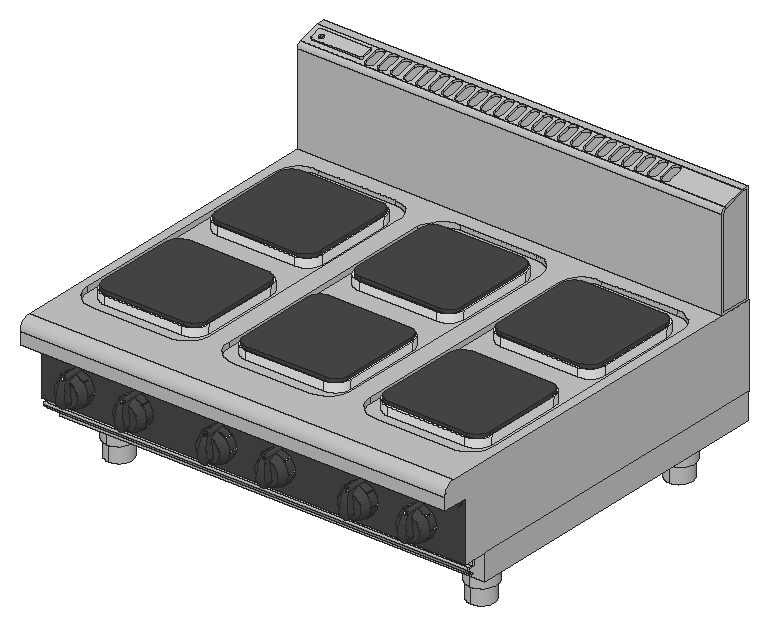
Revit family "QF_Moffat_RNB8600SE-B_Electric_Cooktops_Sealed_Hobs_cat", category Specialty Equipment, Revit 2019 (continued)
Definition of nested family "High and Low Option"
  Lines and regions (mm)
    symbolic lines, visible <- "High Back", not visible
      curve 173: spline (585.791, -50.251, 0) -> (585.45, -52.751, 0) -> (584.451, -55.081, 0) -> (582.862, -57.081, 0) -> (580.791, -58.616, 0) -> (578.379, -59.581, 0) -> (575.791, -59.91, 0) -> (573.203, -59.581, 0) -> (570.791, -58.616, 0) -> (568.72, -57.081, 0) -> (567.131, -55.081, 0) -> (566.132, -52.751, 0) -> (565.791, -50.251, 0)
      curve 174: line (593.071, -50.251, 0) -> (593.071, -25.991, 0)
      curve 175: spline (593.071, -25.991, 0) -> (593.412, -23.491, 0) -> (594.411, -21.162, 0) -> (596, -19.161, 0) -> (598.071, -17.626, 0) -> (600.483, -16.661, 0) -> (603.071, -16.332, 0) -> (605.659, -16.661, 0) -> (608.071, -17.626, 0) -> (610.142, -19.161, 0) -> (611.731, -21.162, 0) -> (612.73, -23.491, 0) -> (613.071, -25.991, 0)
      curve 176: line (613.071, -25.991, 0) -> (613.071, -50.251, 0)
      curve 177: spline (613.071, -50.251, 0) -> (612.73, -52.751, 0) -> (611.731, -55.081, 0) -> (610.142, -57.081, 0) -> (608.071, -58.616, 0) -> (605.659, -59.581, 0) -> (603.071, -59.91, 0) -> (600.483, -59.581, 0) -> (598.071, -58.616, 0) -> (596, -57.081, 0) -> (594.411, -55.081, 0) -> (593.412, -52.751, 0) -> (593.071, -50.251, 0)
      curve 178: line (620.351, -50.251, 0) -> (620.351, -25.991, 0)
      curve 179: spline (620.351, -25.991, 0) -> (620.692, -23.491, 0) -> (621.691, -21.162, 0) -> (623.28, -19.161, 0) -> (625.351, -17.626, 0) -> (627.763, -16.661, 0) -> (630.351, -16.332, 0) -> (632.939, -16.661, 0) -> (635.351, -17.626, 0) -> (637.422, -19.161, 0) -> (639.012, -21.162, 0) -> (640.011, -23.491, 0) -> (640.351, -25.991, 0)
      curve 180: line (640.351, -25.991, 0) -> (640.351, -50.251, 0)
      curve 181: spline (640.351, -50.251, 0) -> (640.011, -52.751, 0) -> (639.012, -55.081, 0) -> (637.422, -57.081, 0) -> (635.351, -58.616, 0) -> (632.939, -59.581, 0) -> (630.351, -59.91, 0) -> (627.763, -59.581, 0) -> (625.351, -58.616, 0) -> (623.28, -57.081, 0) -> (621.691, -55.081, 0) -> (620.692, -52.751, 0) -> (620.351, -50.251, 0)
      curve 182: line (647.632, -50.251, 0) -> (647.632, -25.991, 0)
      curve 183: spline (647.632, -25.991, 0) -> (647.972, -23.491, 0) -> (648.971, -21.162, 0) -> (650.56, -19.161, 0) -> (652.632, -17.626, 0) -> (655.043, -16.661, 0) -> (657.632, -16.332, 0) -> (660.22, -16.661, 0) -> (662.632, -17.626, 0) -> (664.703, -19.161, 0) -> (666.292, -21.162, 0) -> (667.291, -23.491, 0) -> (667.632, -25.991, 0)
      curve 184: line (667.632, -25.991, 0) -> (667.632, -50.251, 0)
      curve 185: spline (667.632, -50.251, 0) -> (667.291, -52.751, 0) -> (666.292, -55.081, 0) -> (664.703, -57.081, 0) -> (662.632, -58.616, 0) -> (660.22, -59.581, 0) -> (657.632, -59.91, 0) -> (655.043, -59.581, 0) -> (652.632, -58.616, 0) -> (650.56, -57.081, 0) -> (648.971, -55.081, 0) -> (647.972, -52.751, 0) -> (647.632, -50.251, 0)
      curve 186: line (674.912, -50.251, 0) -> (674.912, -25.991, 0)
      curve 187: spline (674.912, -25.991, 0) -> (675.252, -23.491, 0) -> (676.251, -21.162, 0) -> (677.841, -19.161, 0) -> (679.912, -17.626, 0) -> (682.324, -16.661, 0) -> (684.912, -16.332, 0) -> (687.5, -16.661, 0) -> (689.912, -17.626, 0) -> (691.983, -19.161, 0) -> (693.572, -21.162, 0) -> (694.571, -23.491, 0) -> (694.912, -25.991, 0)
      curve 188: line (694.912, -25.991, 0) -> (694.912, -50.251, 0)
      curve 189: spline (694.912, -50.251, 0) -> (694.571, -52.751, 0) -> (693.572, -55.081, 0) -> (691.983, -57.081, 0) -> (689.912, -58.616, 0) -> (687.5, -59.581, 0) -> (684.912, -59.91, 0) -> (682.324, -59.581, 0) -> (679.912, -58.616, 0) -> (677.841, -57.081, 0) -> (676.251, -55.081, 0) -> (675.252, -52.751, 0) -> (674.912, -50.251, 0)
      curve 190: line (702.192, -50.251, 0) -> (702.192, -25.991, 0)
      curve 191: spline (702.192, -25.991, 0) -> (702.533, -23.491, 0) -> (703.532, -21.162, 0) -> (705.121, -19.161, 0) -> (707.192, -17.626, 0) -> (709.604, -16.661, 0) -> (712.192, -16.332, 0) -> (714.78, -16.661, 0) -> (717.192, -17.626, 0) -> (719.263, -19.161, 0) -> (720.852, -21.162, 0) -> (721.851, -23.491, 0) -> (722.192, -25.991, 0)
      curve 192: line (722.192, -25.991, 0) -> (722.192, -50.251, 0)
      curve 193: spline (722.192, -50.251, 0) -> (721.851, -52.751, 0) -> (720.852, -55.081, 0) -> (719.263, -57.081, 0) -> (717.192, -58.616, 0) -> (714.78, -59.581, 0) -> (712.192, -59.91, 0) -> (709.604, -59.581, 0) -> (707.192, -58.616, 0) -> (705.121, -57.081, 0) -> (703.532, -55.081, 0) -> (702.533, -52.751, 0) -> (702.192, -50.251, 0)
      curve 194: line (729.472, -50.251, 0) -> (729.472, -25.991, 0)
      curve 195: spline (729.472, -25.991, 0) -> (729.813, -23.491, 0) -> (730.812, -21.162, 0) -> (732.401, -19.161, 0) -> (734.472, -17.626, 0) -> (736.884, -16.661, 0) -> (739.472, -16.332, 0) -> (742.06, -16.661, 0) -> (744.472, -17.626, 0) -> (746.543, -19.161, 0) -> (748.132, -21.162, 0) -> (749.131, -23.491, 0) -> (749.472, -25.991, 0)
      curve 196: line (749.472, -25.991, 0) -> (749.472, -50.251, 0)
      curve 197: spline (749.472, -50.251, 0) -> (749.131, -52.751, 0) -> (748.132, -55.081, 0) -> (746.543, -57.081, 0) -> (744.472, -58.616, 0) -> (742.06, -59.581, 0) -> (739.472, -59.91, 0) -> (736.884, -59.581, 0) -> (734.472, -58.616, 0) -> (732.401, -57.081, 0) -> (730.812, -55.081, 0) -> (729.813, -52.751, 0) -> (729.472, -50.251, 0)
      curve 198: line (756.752, -50.251, 0) -> (756.752, -25.991, 0)
      curve 199: spline (756.752, -25.991, 0) -> (757.093, -23.491, 0) -> (758.092, -21.162, 0) -> (759.681, -19.161, 0) -> (761.752, -17.626, 0) -> (764.164, -16.661, 0) -> (766.752, -16.332, 0) -> (769.341, -16.661, 0) -> (771.752, -17.626, 0) -> (773.823, -19.161, 0) -> (775.413, -21.162, 0) -> (776.412, -23.491, 0) -> (776.752, -25.991, 0)
      curve 200: line (776.752, -25.991, 0) -> (776.752, -50.251, 0)
      curve 201: spline (776.752, -50.251, 0) -> (776.412, -52.751, 0) -> (775.413, -55.081, 0) -> (773.823, -57.081, 0) -> (771.752, -58.616, 0) -> (769.341, -59.581, 0) -> (766.752, -59.91, 0) -> (764.164, -59.581, 0) -> (761.752, -58.616, 0) -> (759.681, -57.081, 0) -> (758.092, -55.081, 0) -> (757.093, -52.751, 0) -> (756.752, -50.251, 0)
  Dimensions and locks
    equal spacing: plane 3 "LEFT", plane 7 "Center Y", plane 4 "RIGHT"
    "Length": plane 3 "LEFT" to plane 4 "RIGHT"
    equal spacing: plane 5 "FRONT", plane 8 "Center X", plane 1 "BACK"
    "Depth": plane 5 "FRONT" to plane 1 "BACK"
    "Height": plane 6 "TOP" to level
    plane 4 "RIGHT" to plane 3 "LEFT" = 900 mm
    plane 1 "BACK" to plane 5 "FRONT" = 805 mm
    plane 9 to plane 10 = 769 mm
    plane 12 to plane 2 = 675 mm
    plane 6 "TOP" to level = 970 mm
    plane 13 to level = 1130 mm
    aligned and locked: level to plane 2
  Automatic sketch dimensions
    Extrusion 2 sketch curve to Extrusion 2 sketch curve = 11.8 mm
    Extrusion 2 sketch curve to Extrusion 2 sketch curve = 2.248 mm
    Extrusion 2 sketch curve to Extrusion 2 sketch curve = 63.6 mm
    Extrusion 2 sketch curve to Extrusion 2 sketch curve = 3.2 mm  (x4)
    plane 1 "BACK" to curve 1 = 71.587 mm
    curve 1 to plane 6 "TOP" = 46.75 mm
    curve 1 to curve 1 = 23 mm
    Extrusion 5 sketch curve to Extrusion 5 sketch curve = 10 mm  (x24)
    Extrusion 5 sketch curve to Extrusion 5 sketch curve = 7.28 mm  (x23)
    Extrusion 5 sketch curve to Extrusion 5 sketch curve = 11.379 mm  (x2)
    Extrusion 5 sketch curve to Extrusion 5 sketch curve = 0 mm  (x33)
    Extrusion 5 sketch curve to Extrusion 5 sketch curve = 25.116 mm  (x13)
    Extrusion 5 sketch curve to Extrusion 5 sketch curve = 47.732 mm
    Extrusion 2 sketch curve to Extrusion 2 sketch curve = 187.855 mm
    Extrusion 5 sketch curve to Extrusion 5 sketch curve = 129.307 mm
    Extrusion 5 sketch curve to Extrusion 5 sketch curve = 123.248 mm
    Extrusion 7 sketch curve to Extrusion 7 sketch curve = 11.8 mm
    Extrusion 7 sketch curve to Extrusion 7 sketch curve = 2.248 mm
    Extrusion 7 sketch curve to Extrusion 7 sketch curve = 63.6 mm
    Extrusion 7 sketch curve to Extrusion 7 sketch curve = 3.2 mm  (x4)
    Extrusion 10 sketch curve to Extrusion 10 sketch curve = 10 mm  (x24)
    Extrusion 10 sketch curve to Extrusion 10 sketch curve = 7.28 mm  (x23)
    Extrusion 10 sketch curve to Extrusion 10 sketch curve = 11.379 mm  (x2)
    Extrusion 10 sketch curve to Extrusion 10 sketch curve = 0 mm  (x33)
    Extrusion 10 sketch curve to Extrusion 10 sketch curve = 25.116 mm  (x13)
    Extrusion 10 sketch curve to Extrusion 10 sketch curve = 47.732 mm
    Extrusion 7 sketch curve to Extrusion 7 sketch curve = 187.855 mm
    Extrusion 10 sketch curve to Extrusion 10 sketch curve = 129.307 mm
    Extrusion 10 sketch curve to Extrusion 10 sketch curve = 123.248 mm
    curve 3 to curve 6 = 129.307 mm
    curve 6 to curve 8 = 20 mm
    curve 8 to curve 10 = 7.28 mm
    curve 10 to curve 12 = 20 mm
    curve 13 to curve 14 = 7.28 mm
    curve 14 to curve 16 = 20 mm
    curve 16 to curve 18 = 7.28 mm
    curve 18 to curve 20 = 20 mm
    curve 21 to curve 22 = 7.28 mm
    curve 22 to curve 24 = 20 mm
    curve 25 to curve 26 = 7.28 mm
    curve 26 to curve 28 = 20 mm
    curve 29 to curve 30 = 7.28 mm
    curve 30 to curve 32 = 20 mm
    curve 32 to curve 34 = 7.28 mm
    curve 34 to curve 36 = 20 mm
    curve 37 to curve 38 = 7.28 mm
    curve 41 to curve 40 = 20 mm
    curve 41 to curve 42 = 7.28 mm
    curve 45 to curve 44 = 20 mm
    curve 43 to curve 46 = 7.28 mm
    curve 46 to curve 48 = 20 mm
    curve 49 to curve 50 = 7.28 mm
    curve 50 to curve 52 = 20 mm
    curve 52 to curve 54 = 7.28 mm
    curve 54 to curve 56 = 20 mm
    curve 57 to curve 58 = 7.28 mm
    curve 58 to curve 60 = 20 mm
    curve 61 to curve 62 = 7.28 mm
    curve 62 to curve 64 = 20 mm
    curve 64 to curve 66 = 7.28 mm
    curve 66 to curve 68 = 20 mm
    curve 69 to curve 70 = 7.28 mm
    curve 70 to curve 72 = 20 mm
    curve 73 to curve 74 = 7.28 mm
    curve 74 to curve 76 = 20 mm
    curve 77 to curve 78 = 7.28 mm
    curve 78 to curve 80 = 20 mm
    curve 80 to curve 82 = 7.28 mm
    curve 82 to curve 84 = 20 mm
    curve 85 to curve 86 = 7.28 mm
    curve 87 to curve 88 = 20 mm
    curve 89 to curve 90 = 7.28 mm
    curve 90 to curve 92 = 20 mm
    curve 91 to curve 94 = 7.28 mm
    curve 94 to curve 96 = 20 mm
    curve 96 to curve 98 = 7.28 mm
    curve 98 to curve 100 = 20 mm
    curve 3 to curve 6 = 19.749 mm
    curve 9 to curve 10 = 0 mm
    curve 96 to curve 101 = 0 mm
    curve 13 to curve 14 = 0 mm
    curve 92 to curve 97 = 0 mm
    curve 16 to curve 18 = 0 mm
    curve 88 to curve 90 = 0 mm
    curve 21 to curve 22 = 0 mm
    curve 84 to curve 86 = 0 mm  (x2)
    curve 25 to curve 26 = 0 mm
    curve 80 to curve 85 = 0 mm
    curve 29 to curve 30 = 0 mm
    curve 76 to curve 81 = 0 mm
    curve 33 to curve 34 = 0 mm
    curve 72 to curve 74 = 0 mm  (x2)
    curve 37 to curve 38 = 0 mm
    curve 68 to curve 70 = 0 mm  (x2)
    curve 41 to curve 42 = 0 mm
    curve 64 to curve 69 = 0 mm
    curve 45 to curve 46 = 0 mm
    curve 60 to curve 65 = 0 mm
    curve 49 to curve 50 = 0 mm
    curve 56 to curve 58 = 0 mm  (x2)
    curve 56 to curve 56 = 24.26 mm
    curve 52 to curve 55 = 0 mm
    curve 48 to curve 51 = 0 mm
    curve 59 to curve 62 = 0 mm
    curve 44 to curve 47 = 0 mm
    curve 64 to curve 66 = 0 mm
    curve 40 to curve 43 = 0 mm
    curve 36 to curve 39 = 0 mm
    curve 32 to curve 35 = 0 mm
    curve 75 to curve 78 = 0 mm
    curve 28 to curve 31 = 0 mm
    curve 80 to curve 82 = 0 mm
    curve 24 to curve 27 = 0 mm
    curve 20 to curve 23 = 0 mm
    curve 87 to curve 90 = 0 mm
    curve 16 to curve 19 = 0 mm
    curve 91 to curve 94 = 0 mm
    curve 12 to curve 15 = 0 mm
    curve 96 to curve 98 = 0 mm
    curve 8 to curve 11 = 0 mm
    curve 3 to curve 3 = 70 mm
    curve 100 to curve 5 = 123.248 mm
    curve 4 to curve 100 = 19.749 mm
    curve 103 to curve 106 = 129.307 mm
    curve 106 to curve 108 = 20 mm
    curve 108 to curve 110 = 7.28 mm
    curve 110 to curve 112 = 20 mm
    curve 113 to curve 114 = 7.28 mm
    curve 114 to curve 116 = 20 mm
    curve 116 to curve 118 = 7.28 mm
    curve 118 to curve 120 = 20 mm
    curve 121 to curve 122 = 7.28 mm
    curve 122 to curve 124 = 20 mm
    curve 125 to curve 126 = 7.28 mm
    curve 126 to curve 128 = 20 mm
    curve 129 to curve 130 = 7.28 mm
    curve 130 to curve 132 = 20 mm
    curve 132 to curve 134 = 7.28 mm
    curve 134 to curve 136 = 20 mm
    curve 137 to curve 138 = 7.28 mm
    curve 141 to curve 140 = 20 mm
    curve 141 to curve 142 = 7.28 mm
    curve 145 to curve 144 = 20 mm
    curve 143 to curve 146 = 7.28 mm
    curve 146 to curve 148 = 20 mm
    curve 149 to curve 150 = 7.28 mm
    curve 150 to curve 152 = 20 mm
    curve 152 to curve 154 = 7.28 mm
    curve 154 to curve 156 = 20 mm
    curve 157 to curve 158 = 7.28 mm
    curve 158 to curve 160 = 20 mm
    curve 161 to curve 162 = 7.28 mm
    curve 162 to curve 164 = 20 mm
    curve 164 to curve 166 = 7.28 mm
    curve 166 to curve 168 = 20 mm
    curve 169 to curve 170 = 7.28 mm
    curve 170 to curve 172 = 20 mm
    curve 173 to curve 174 = 7.28 mm
    curve 174 to curve 176 = 20 mm
    curve 177 to curve 178 = 7.28 mm
    curve 178 to curve 180 = 20 mm
    curve 180 to curve 182 = 7.28 mm
    curve 182 to curve 184 = 20 mm
    curve 185 to curve 186 = 7.28 mm
    curve 187 to curve 188 = 20 mm
    curve 189 to curve 190 = 7.28 mm
    curve 190 to curve 192 = 20 mm
    curve 191 to curve 194 = 7.28 mm
    curve 194 to curve 196 = 20 mm
    curve 196 to curve 198 = 7.28 mm
    curve 198 to curve 200 = 20 mm
    curve 103 to curve 106 = 19.749 mm
    curve 109 to curve 110 = 0 mm
    curve 196 to curve 201 = 0 mm
    curve 113 to curve 114 = 0 mm
    curve 192 to curve 197 = 0 mm
    curve 116 to curve 118 = 0 mm
    curve 188 to curve 190 = 0 mm
    curve 121 to curve 122 = 0 mm
    curve 184 to curve 186 = 0 mm  (x2)
    curve 125 to curve 126 = 0 mm
    curve 180 to curve 185 = 0 mm
    curve 129 to curve 130 = 0 mm
    curve 176 to curve 181 = 0 mm
    curve 133 to curve 134 = 0 mm
    curve 172 to curve 174 = 0 mm  (x2)
    curve 137 to curve 138 = 0 mm
    curve 168 to curve 170 = 0 mm  (x2)
    curve 141 to curve 142 = 0 mm
    curve 164 to curve 169 = 0 mm
    curve 145 to curve 146 = 0 mm
    curve 160 to curve 165 = 0 mm
    curve 149 to curve 150 = 0 mm
    curve 156 to curve 158 = 0 mm  (x2)
    curve 156 to curve 156 = 24.26 mm
    curve 152 to curve 155 = 0 mm
    curve 148 to curve 151 = 0 mm
    curve 159 to curve 162 = 0 mm
    curve 144 to curve 147 = 0 mm
    curve 164 to curve 166 = 0 mm
    curve 140 to curve 143 = 0 mm
    curve 136 to curve 139 = 0 mm
    curve 132 to curve 135 = 0 mm
    curve 175 to curve 178 = 0 mm
    curve 128 to curve 131 = 0 mm
    curve 180 to curve 182 = 0 mm
    curve 124 to curve 127 = 0 mm
    curve 120 to curve 123 = 0 mm
    curve 187 to curve 190 = 0 mm
    curve 116 to curve 119 = 0 mm
    curve 191 to curve 194 = 0 mm
    curve 112 to curve 115 = 0 mm
    curve 196 to curve 198 = 0 mm
    curve 108 to curve 111 = 0 mm
    curve 103 to curve 103 = 70 mm
    curve 200 to curve 105 = 123.248 mm
    curve 104 to curve 200 = 19.749 mm
    curve 203 to curve 204 = 900 mm
    curve 203 to curve 203 = 70 mm
    curve 207 to curve 208 = 900 mm
    curve 207 to curve 207 = 70 mm
    Extrusion 1 sketch curve to Extrusion 1 sketch curve = 15 mm
    Extrusion 1 sketch curve to Extrusion 1 sketch curve = 55 mm  (x2)
    Extrusion 1 sketch curve to Extrusion 1 sketch curve = 40 mm
    Extrusion 6 sketch curve to Extrusion 6 sketch curve = 15 mm
    Extrusion 6 sketch curve to Extrusion 6 sketch curve = 55 mm  (x2)
    Extrusion 6 sketch curve to Extrusion 6 sketch curve = 40 mm
    Extrusion 4 sketch curve to Extrusion 4 sketch curve = 8.8 mm
    Extrusion 4 sketch curve to Extrusion 4 sketch curve = 43.857 mm
    Extrusion 4 sketch curve to Extrusion 4 sketch curve = 63.6 mm
    Extrusion 4 sketch curve to Extrusion 4 sketch curve = 20.862 mm
    Extrusion 4 sketch curve to Extrusion 4 sketch curve = 187.738 mm
    Extrusion 4 sketch curve to Extrusion 4 sketch curve = 2.278 mm
    Extrusion 3 sketch curve to Extrusion 3 sketch curve = 63.6 mm
    Extrusion 3 sketch curve to Extrusion 3 sketch curve = 6.522 mm
    Extrusion 3 sketch curve to Extrusion 3 sketch curve = 10.943 mm
    Extrusion 3 sketch curve to Extrusion 3 sketch curve = 187.738 mm
    Extrusion 3 sketch curve to Extrusion 3 sketch curve = 8.5 mm
    Extrusion 3 sketch curve to Extrusion 3 sketch curve = 12.362 mm
    Extrusion 2 sketch curve to Extrusion 2 sketch curve = 0 mm
    Extrusion 2 sketch curve to Extrusion 2 sketch curve = 0.117 mm  (x2)
    Extrusion 2 sketch curve to Extrusion 2 sketch curve = 5.694 mm
    Extrusion 2 sketch curve to Extrusion 2 sketch curve = 0.857 mm  (x2)
    Extrusion 2 sketch curve to Extrusion 2 sketch curve = 12.354 mm
    Extrusion 9 sketch curve to Extrusion 9 sketch curve = 8.8 mm
    Extrusion 9 sketch curve to Extrusion 9 sketch curve = 43.857 mm
    Extrusion 9 sketch curve to Extrusion 9 sketch curve = 63.6 mm
    Extrusion 9 sketch curve to Extrusion 9 sketch curve = 20.862 mm
    Extrusion 9 sketch curve to Extrusion 9 sketch curve = 187.738 mm
    Extrusion 9 sketch curve to Extrusion 9 sketch curve = 2.278 mm
    Extrusion 8 sketch curve to Extrusion 8 sketch curve = 63.6 mm
    Extrusion 8 sketch curve to Extrusion 8 sketch curve = 6.522 mm
    Extrusion 8 sketch curve to Extrusion 8 sketch curve = 10.943 mm
    Extrusion 8 sketch curve to Extrusion 8 sketch curve = 187.738 mm
    Extrusion 8 sketch curve to Extrusion 8 sketch curve = 8.5 mm
    Extrusion 8 sketch curve to Extrusion 8 sketch curve = 12.362 mm
    Extrusion 7 sketch curve to Extrusion 7 sketch curve = 0 mm
    Extrusion 7 sketch curve to Extrusion 7 sketch curve = 0.117 mm  (x2)
    Extrusion 7 sketch curve to Extrusion 7 sketch curve = 5.694 mm
    Extrusion 7 sketch curve to Extrusion 7 sketch curve = 0.857 mm  (x2)
    Extrusion 7 sketch curve to Extrusion 7 sketch curve = 12.354 mm
  Nested families
    nested 1: "QF_LOGO_Waldorf" at (32, -70, 923.25), visible <- "Show Logo 1", type "QF_LOGO_Waldorf"
    nested 2: "QF_LOGO_Waldorf1" at (12.5, -38.053, 1110.468), visible <- "Show Logo 2", type "QF_LOGO_Waldorf1"
    nested 3: "QF_LOGO_Waldorf" at (32, -70, 923.25), visible <- "Show Logo 1", type "QF_LOGO_Waldorf", not visible
    nested 4: "QF_LOGO_Waldorf1" at (12.5, -38.053, 1110.468), visible <- "Show Logo 2", type "QF_LOGO_Waldorf1", not visible
  Definition of nested family "QF_LOGO_Waldorf"
    Parameters (values of type "QF_LOGO_Waldorf")
      Weight in Pounds = 0
      URL Cutsheet = ""
      Specification by User = ""
      Specification by Manufacturer = ""
      Serial Number = ""
      Seismic Rating = ""
      SMACNA No = ""
      Revision Code = ""
      NAFEM Spec ID Number = ""
      Masterspec = ""
      Length = 138 mm
      Item Number = ""
      Installed By = ""
      Identify Quantity as Lot = yes
      Height = 26.711 mm
      Furnished By = ""
      Foodservice Equipment Identifier = yes
      Depth = 3.175 mm
      CSI MasterFormat = ""
    Reference planes
      plane 1 "BACK": y = 0
      plane 2: z = 0
      plane 3 "LEFT": x = 0
      plane 4 "RIGHT": x = 138
      plane 5 "FRONT": y = -3.175
      plane 6 "TOP": z = 26.711
      plane 7 "Center Y": x = 69
      plane 8 "Center X": y = -1.587
    Forms (mm)
      Extrusion 1, solid
        sketch origin (0, 0, 0) x (1, 0, 0) y (0, 0, 1)
          loop
            line (109, 3.464) -> (109, 23.247)
            spline (109, 23.247) -> (108.966, 23.699) -> (108.864, 24.143) -> (108.696, 24.572) -> (108.464, 24.979) -> (108.173, 25.355) -> (107.828, 25.696) -> (107.435, 25.995) -> (107, 26.247) -> (106.531, 26.447) -> (106.035, 26.593) -> (105.522, 26.681) -> (105, 26.711)
            line (105, 26.711) -> (4, 26.711)
            spline (4, 26.711) -> (3.478, 26.681) -> (2.965, 26.593) -> (2.469, 26.447) -> (2, 26.247) -> (1.565, 25.995) -> (1.172, 25.696) -> (0.827, 25.355) -> (0.536, 24.979) -> (0.304, 24.572) -> (0.136, 24.143) -> (0.034, 23.699) -> (0, 23.247)
            line (0, 23.247) -> (0, 3.464)
            spline (0, 3.464) -> (0.034, 3.012) -> (0.136, 2.568) -> (0.304, 2.138) -> (0.536, 1.732) -> (0.827, 1.355) -> (1.172, 1.015) -> (1.565, 0.716) -> (2, 0.464) -> (2.469, 0.264) -> (2.965, 0.118) -> (3.478, 0.03) -> (4, 0)
            line (4, 0) -> (105, 0)
            spline (105, 0) -> (105.522, 0.03) -> (106.035, 0.118) -> (106.531, 0.264) -> (107, 0.464) -> (107.435, 0.716) -> (107.828, 1.015) -> (108.173, 1.355) -> (108.464, 1.732) -> (108.696, 2.138) -> (108.864, 2.568) -> (108.966, 3.012) -> (109, 3.464)
          loop
            line (14.75, 7.005) -> (14.75, 15.654)
            arc (14.75, 15.654) -> (10.425, 11.329) -> (14.75, 7.005) r 4.325
          loop
            line (15.25, 15.654) -> (15.25, 7.005)
            arc (15.25, 7.005) -> (19.575, 11.329) -> (15.25, 15.654) r 4.325
        from 0 to 3.2
      Extrusion 2, solid
        sketch origin (0, 0, 0) x (1, 0, 0) y (0, 0, 1)
          loop
            line (15.25, 15.654) -> (15.25, 7.005)
            arc (15.25, 7.005) -> (19.575, 11.329) -> (15.25, 15.654) r 4.325
        from 0 to 3.2
      Extrusion 3, solid
        sketch origin (16.271, 0, 0) x (-1, 0, 0) y (0, 0, -1)
          loop
            arc (1.521, -15.654) -> (5.846, -11.329) -> (1.521, -7.005) r 4.325
            line (1.521, -7.005) -> (1.521, -15.654)
        from 0 to 3.2
    Lines and regions (mm)
      Split face 1
        outline origin (0, -3.2, 0) x (1, 0, 0) y (0, 0, 1)
          loop
            spline (22.129, 16.975) -> (22.389, 15.984) -> (22.649, 15.002) -> (22.91, 14.028) -> (23.172, 13.065) -> (23.433, 12.11) -> (23.695, 11.166) -> (23.956, 10.232) -> (24.218, 9.308) -> (24.479, 8.396) -> (24.74, 7.495) -> (25, 6.605) -> (25.26, 5.728)
            line (25.26, 5.728) -> (29.463, 5.728)
            spline (29.463, 5.728) -> (29.582, 6.252) -> (29.701, 6.78) -> (29.82, 7.313) -> (29.939, 7.85) -> (30.058, 8.391) -> (30.178, 8.936) -> (30.297, 9.485) -> (30.416, 10.038) -> (30.536, 10.594) -> (30.655, 11.155) -> (30.775, 11.719) -> (30.894, 12.287)
            spline (30.894, 12.287) -> (31.018, 11.719) -> (31.142, 11.155) -> (31.266, 10.594) -> (31.39, 10.038) -> (31.514, 9.485) -> (31.638, 8.936) -> (31.762, 8.391) -> (31.885, 7.85) -> (32.009, 7.313) -> (32.133, 6.78) -> (32.256, 6.252) -> (32.379, 5.728)
            line (32.379, 5.728) -> (36.51, 5.728)
            spline (36.51, 5.728) -> (36.766, 6.605) -> (37.023, 7.495) -> (37.28, 8.396) -> (37.538, 9.308) -> (37.795, 10.232) -> (38.053, 11.166) -> (38.311, 12.11) -> (38.569, 13.065) -> (38.826, 14.028) -> (39.083, 15.002) -> (39.34, 15.984) -> (39.597, 16.975)
            line (39.597, 16.975) -> (35.637, 16.975)
            spline (35.637, 16.975) -> (35.523, 16.334) -> (35.41, 15.697) -> (35.296, 15.063) -> (35.182, 14.433) -> (35.068, 13.807) -> (34.954, 13.185) -> (34.84, 12.566) -> (34.726, 11.952) -> (34.612, 11.342) -> (34.497, 10.737) -> (34.383, 10.135) -> (34.269, 9.538)
            spline (34.269, 9.538) -> (34.138, 10.135) -> (34.008, 10.737) -> (33.877, 11.342) -> (33.746, 11.952) -> (33.616, 12.566) -> (33.485, 13.185) -> (33.354, 13.807) -> (33.224, 14.433) -> (33.093, 15.063) -> (32.963, 15.697) -> (32.833, 16.334) -> (32.703, 16.975)
            line (32.703, 16.975) -> (29.247, 16.975)
            spline (29.247, 16.975) -> (29.111, 16.334) -> (28.974, 15.697) -> (28.837, 15.063) -> (28.7, 14.433) -> (28.562, 13.807) -> (28.425, 13.185) -> (28.288, 12.566) -> (28.15, 11.952) -> (28.013, 11.342) -> (27.875, 10.737) -> (27.738, 10.135) -> (27.6, 9.538)
            spline (27.6, 9.538) -> (27.483, 10.135) -> (27.366, 10.737) -> (27.249, 11.342) -> (27.132, 11.952) -> (27.015, 12.566) -> (26.897, 13.185) -> (26.78, 13.807) -> (26.663, 14.433) -> (26.546, 15.063) -> (26.43, 15.697) -> (26.313, 16.334) -> (26.196, 16.975)
            line (26.196, 16.975) -> (22.129, 16.975)
      Split face 2
        outline origin (0, -3.2, 0) x (1, 0, 0) y (0, 0, 1)
          loop
            line (51.449, 5.728) -> (51.035, 6.606) -> (51.035, 11.169)
            spline (51.035, 11.169) -> (50.686, 12.42) -> (50.176, 13.224) -> (49.51, 13.708) -> (48.693, 13.995) -> (47.747, 14.152) -> (46.698, 14.207) -> (45.579, 14.186) -> (44.419, 14.114) -> (43.279, 13.929) -> (42.249, 13.481) -> (41.424, 12.614) -> (40.897, 11.169)
            line (40.897, 11.169) -> (44.617, 11.169) -> (44.988, 11.965)
            spline (44.988, 11.965) -> (47.294, 11.682) -> (46.856, 10.932) -> (45.527, 10.609) -> (43.858, 10.439) -> (42.259, 10.123) -> (41.078, 9.417) -> (40.563, 8.246) -> (40.689, 6.989) -> (41.407, 6.052) -> (42.774, 5.536) -> (44.847, 5.497) -> (47.306, 6.602)
            line (47.306, 6.602) -> (47.624, 5.728) -> (51.449, 5.728)
      Split face 3
        outline origin (0, -3.2, 0) x (1, 0, 0) y (0, 0, 1)
          loop
            line (47.264, 9.264) -> (44.938, 8.597)
            spline (44.938, 8.597) -> (44.508, 8.228) -> (44.402, 7.9) -> (44.548, 7.626) -> (44.877, 7.42) -> (45.317, 7.295) -> (45.797, 7.265) -> (46.252, 7.342) -> (46.65, 7.525) -> (46.971, 7.813) -> (47.194, 8.201) -> (47.298, 8.685) -> (47.264, 9.264)
      Split face 4
        outline origin (0, -3.2, 0) x (1, 0, 0) y (0, 0, 1)
          loop
            line (53.33, 16.975) -> (53.33, 5.728) -> (57.173, 5.728) -> (57.173, 16.975) -> (53.33, 16.975)
      Split face 5
        outline origin (0, -3.2, 0) x (1, 0, 0) y (0, 0, 1)
          loop
            line (65.795, 16.975) -> (65.795, 12.976)
            spline (65.795, 12.976) -> (63.839, 14.082) -> (62.087, 14.096) -> (60.633, 13.343) -> (59.574, 12.148) -> (58.99, 10.806) -> (58.867, 9.452) -> (59.156, 8.159) -> (59.81, 7) -> (60.786, 6.056) -> (62.111, 5.514) -> (63.868, 5.634) -> (66.137, 6.679)
            line (66.137, 6.679) -> (66.137, 5.728) -> (69.511, 5.728) -> (69.511, 16.975) -> (65.795, 16.975)
      Split face 6
        outline origin (0, -3.2, 0) x (1, 0, 0) y (0, 0, 1)
          loop
            spline (64.273, 7.499) -> (64.754, 7.57) -> (65.202, 7.777) -> (65.587, 8.106) -> (65.882, 8.535) -> (66.067, 9.034) -> (66.131, 9.57) -> (66.067, 10.106) -> (65.882, 10.605) -> (65.587, 11.034) -> (65.202, 11.363) -> (64.754, 11.57) -> (64.273, 11.64)
            spline (64.273, 11.64) -> (63.793, 11.57) -> (63.345, 11.363) -> (62.96, 11.034) -> (62.665, 10.605) -> (62.479, 10.106) -> (62.416, 9.57) -> (62.479, 9.034) -> (62.665, 8.535) -> (62.96, 8.106) -> (63.345, 7.777) -> (63.793, 7.57) -> (64.273, 7.499)
      Split face 7
        outline origin (0, -3.2, 0) x (1, 0, 0) y (0, 0, 1)
          loop
            spline (76.449, 5.305) -> (77.855, 5.457) -> (79.166, 5.901) -> (80.291, 6.607) -> (81.155, 7.527) -> (81.698, 8.599) -> (81.883, 9.749) -> (81.698, 10.899) -> (81.155, 11.97) -> (80.291, 12.891) -> (79.166, 13.597) -> (77.855, 14.041) -> (76.449, 14.192)
            spline (76.449, 14.192) -> (75.042, 14.041) -> (73.731, 13.597) -> (72.606, 12.891) -> (71.742, 11.97) -> (71.199, 10.899) -> (71.014, 9.749) -> (71.199, 8.599) -> (71.742, 7.527) -> (72.606, 6.607) -> (73.731, 5.901) -> (75.042, 5.457) -> (76.449, 5.305)
      Split face 8
        outline origin (0, -3.2, 0) x (1, 0, 0) y (0, 0, 1)
          loop
            spline (76.449, 7.654) -> (76.841, 7.725) -> (77.206, 7.934) -> (77.52, 8.267) -> (77.76, 8.701) -> (77.912, 9.206) -> (77.963, 9.749) -> (77.912, 10.291) -> (77.76, 10.796) -> (77.52, 11.23) -> (77.206, 11.563) -> (76.841, 11.772) -> (76.449, 11.843)
            spline (76.449, 11.843) -> (76.057, 11.772) -> (75.691, 11.563) -> (75.378, 11.23) -> (75.137, 10.796) -> (74.986, 10.291) -> (74.934, 9.749) -> (74.986, 9.206) -> (75.137, 8.701) -> (75.378, 8.267) -> (75.691, 7.934) -> (76.057, 7.725) -> (76.449, 7.654)
      Split face 9
        outline origin (0, -3.2, 0) x (1, 0, 0) y (0, 0, 1)
          loop
            line (86.998, 12.335) -> (86.998, 13.879) -> (83.479, 13.879) -> (83.479, 5.728) -> (87.312, 5.728) -> (87.312, 8.975)
            spline (87.312, 8.975) -> (87.364, 9.356) -> (87.458, 9.686) -> (87.594, 9.968) -> (87.769, 10.204) -> (87.982, 10.398) -> (88.229, 10.55) -> (88.509, 10.666) -> (88.82, 10.746) -> (89.16, 10.794) -> (89.525, 10.812) -> (89.915, 10.803) -> (90.327, 10.77)
            line (90.327, 10.77) -> (90.327, 14.113)
            spline (90.327, 14.113) -> (89.929, 14.127) -> (89.552, 14.111) -> (89.197, 14.066) -> (88.865, 13.991) -> (88.554, 13.887) -> (88.266, 13.754) -> (87.999, 13.591) -> (87.755, 13.399) -> (87.532, 13.177) -> (87.332, 12.926) -> (87.154, 12.645) -> (86.998, 12.335)
      Split face 10
        outline origin (0, -3.2, 0) x (1, 0, 0) y (0, 0, 1)
          loop
            line (92.082, 13.879) -> (90.894, 13.879) -> (90.894, 11.972) -> (92.082, 11.972) -> (92.082, 5.728) -> (95.871, 5.728) -> (95.871, 11.972) -> (97.5, 11.972) -> (97.5, 13.879) -> (95.871, 13.879)
            spline (95.871, 13.879) -> (95.843, 14.088) -> (95.845, 14.278) -> (95.877, 14.447) -> (95.939, 14.596) -> (96.03, 14.726) -> (96.151, 14.835) -> (96.301, 14.925) -> (96.482, 14.995) -> (96.692, 15.045) -> (96.931, 15.075) -> (97.201, 15.085) -> (97.5, 15.076)
            line (97.5, 15.076) -> (97.5, 17.266) -> (95.367, 17.266)
            spline (95.367, 17.266) -> (94.982, 17.253) -> (94.58, 17.21) -> (94.174, 17.132) -> (93.774, 17.013) -> (93.39, 16.846) -> (93.034, 16.627) -> (92.717, 16.349) -> (92.448, 16.007) -> (92.24, 15.595) -> (92.102, 15.106) -> (92.046, 14.537) -> (92.082, 13.879)
    Dimensions and locks
      equal spacing: plane 3 "LEFT", plane 7 "Center Y", plane 4 "RIGHT"
      "Length": plane 3 "LEFT" to plane 4 "RIGHT"
      equal spacing: plane 5 "FRONT", plane 8 "Center X", plane 1 "BACK"
      "Depth": plane 5 "FRONT" to plane 1 "BACK"
      "Height": plane 6 "TOP" to level
      plane 4 "RIGHT" to plane 3 "LEFT" = 138 mm
      aligned and locked: level to plane 2
    Automatic sketch dimensions
      Extrusion 1 sketch curve to plane 3 "LEFT" = 0 mm
      Extrusion 1 sketch curve to plane 6 "TOP" = 0 mm
      Extrusion 1 sketch curve to level = 0 mm
      plane 3 "LEFT" to Extrusion 1 sketch curve = 4 mm  (x2)
      Extrusion 1 sketch curve to Extrusion 1 sketch curve = 10.75 mm
      Extrusion 1 sketch curve to Extrusion 1 sketch curve = 0.5 mm
      plane 4 "RIGHT" to Extrusion 1 sketch curve = 33 mm
      Extrusion 1 sketch curve to Extrusion 1 sketch curve = 0 mm  (x3)
      Extrusion 1 sketch curve to Extrusion 1 sketch curve = 4 mm
      level to Extrusion 1 sketch curve = 3.464 mm  (x2)
      level to Extrusion 1 sketch curve = 7.005 mm
      Extrusion 1 sketch curve to Extrusion 1 sketch curve = 4.325 mm
      Extrusion 1 sketch curve to plane 6 "TOP" = 3.464 mm  (x2)
      Extrusion 2 sketch curve to Extrusion 2 sketch curve = 4.325 mm
      level to Extrusion 2 sketch curve = 7.005 mm
      plane 3 "LEFT" to Extrusion 2 sketch curve = 15.25 mm
      Extrusion 3 sketch curve to Extrusion 3 sketch curve = 4.325 mm
      Extrusion 3 sketch curve to level = 7.005 mm
      Extrusion 3 sketch curve to plane 3 "LEFT" = 14.75 mm
      Extrusion 1 to Split face 1 sketch curve = 6.879 mm
      Split face 1 sketch curve to Extrusion 1 = 5.728 mm
      Split face 1 sketch curve to Split face 1 sketch curve = 3.132 mm
      Split face 1 sketch curve to Split face 1 sketch curve = 4.068 mm
      Split face 1 sketch curve to Split face 1 sketch curve = 3.051 mm
      Split face 1 sketch curve to Split face 1 sketch curve = 4.203 mm
      Split face 1 sketch curve to Split face 1 sketch curve = 2.916 mm
      Split face 1 sketch curve to Split face 1 sketch curve = 3.456 mm
      Split face 1 sketch curve to Split face 1 sketch curve = 2.934 mm
      Split face 1 sketch curve to Split face 1 sketch curve = 4.131 mm
      Split face 1 sketch curve to Split face 1 sketch curve = 3.96 mm
      Split face 1 sketch curve to Split face 1 sketch curve = 0 mm  (x2)
      Split face 1 sketch curve to Extrusion 1 = 9.736 mm  (x2)
      Extrusion 1 to Split face 1 sketch curve = 6.337 mm
      Extrusion 1 to Split face 1 sketch curve = 6.231 mm
      Extrusion 1 to Split face 1 sketch curve = 3.184 mm
      Extrusion 1 to Split face 1 sketch curve = 13.135 mm
      Split face 1 sketch curve to Split face 1 sketch curve = 4.652 mm
      Split face 1 sketch curve to Split face 1 sketch curve = 3.593 mm
      Split face 1 sketch curve to Split face 1 sketch curve = 1.863 mm
      Split face 1 sketch curve to Split face 1 sketch curve = 0.713 mm
      Split face 1 sketch curve to Split face 1 sketch curve = 2.684 mm
      Split face 1 sketch curve to Split face 1 sketch curve = 3.294 mm
      Split face 1 sketch curve to Split face 1 sketch curve = 0.459 mm
      Split face 1 sketch curve to Split face 1 sketch curve = 2.775 mm
      Split face 1 sketch curve to Split face 1 sketch curve = 1.89 mm
      Split face 1 sketch curve to Split face 1 sketch curve = 0.685 mm
      Split face 1 sketch curve to Split face 1 sketch curve = 9.486 mm
      Split face 1 sketch curve to Split face 1 sketch curve = 16.213 mm
      Split face 1 sketch curve to Split face 1 sketch curve = 3.48 mm
      Split face 1 sketch curve to Split face 1 sketch curve = 4.918 mm
      Split face 1 sketch curve to Split face 1 sketch curve = 7.609 mm
      Split face 1 sketch curve to Split face 1 sketch curve = 0.01 mm  (x2)
      Split face 1 sketch curve to Split face 1 sketch curve = 0.002 mm
      Split face 2 sketch curve to Extrusion 1 = 11.169 mm
      Extrusion 1 to Split face 2 sketch curve = 25.647 mm
      Split face 2 sketch curve to Split face 2 sketch curve = 3.72 mm
      Split face 2 sketch curve to Extrusion 1 = 11.965 mm
      Split face 2 sketch curve to Split face 2 sketch curve = 0.371 mm
      Split face 2 sketch curve to Extrusion 1 = 6.602 mm
      Split face 2 sketch curve to Split face 2 sketch curve = 2.689 mm
      Split face 2 sketch curve to Split face 2 sketch curve = 0.318 mm
      Split face 2 sketch curve to Split face 2 sketch curve = 3.729 mm
      Split face 2 sketch curve to Split face 2 sketch curve = 0.414 mm
      Split face 2 sketch curve to Split face 2 sketch curve = 0.875 mm
      Split face 2 sketch curve to Split face 2 sketch curve = 0.878 mm
      Split face 3 sketch curve to Extrusion 1 = 8.597 mm
      Extrusion 1 to Split face 3 sketch curve = 29.688 mm
      Split face 3 sketch curve to Extrusion 1 = 9.264 mm
      Split face 3 sketch curve to Split face 3 sketch curve = 2.326 mm
      Split face 4 sketch curve to Extrusion 1 = 5.728 mm
      Extrusion 1 to Split face 4 sketch curve = 38.08 mm
      Split face 4 sketch curve to Split face 4 sketch curve = 3.843 mm
      Split face 4 sketch curve to Extrusion 1 = 9.736 mm
      Split face 5 sketch curve to Extrusion 1 = 12.976 mm
      Split face 5 sketch curve to Extrusion 1 = 43.205 mm
      Split face 5 sketch curve to Extrusion 1 = 6.679 mm
      Split face 5 sketch curve to Split face 5 sketch curve = 0.342 mm
      Split face 5 sketch curve to Split face 5 sketch curve = 3.375 mm
      Split face 5 sketch curve to Split face 5 sketch curve = 0.952 mm
      Split face 5 sketch curve to Split face 5 sketch curve = 3.998 mm
      Split face 6 sketch curve to Extrusion 1 = 7.499 mm
      Split face 6 sketch curve to Extrusion 1 = 44.727 mm
      Split face 6 sketch curve to Split face 6 sketch curve = 2.07 mm
      Split face 7 sketch curve to Extrusion 1 = 5.305 mm
      Split face 7 sketch curve to Extrusion 1 = 32.551 mm
      Split face 7 sketch curve to Split face 7 sketch curve = 4.443 mm
      Split face 8 sketch curve to Split face 8 sketch curve = 2.095 mm
      Split face 8 sketch curve to Extrusion 1 = 7.654 mm
      Split face 8 sketch curve to Extrusion 1 = 32.551 mm
      Split face 9 sketch curve to Extrusion 1 = 5.728 mm
      Split face 9 sketch curve to Extrusion 1 = 25.521 mm
      Split face 9 sketch curve to Split face 9 sketch curve = 3.519 mm
      Split face 9 sketch curve to Split face 9 sketch curve = 0.315 mm
      Split face 9 sketch curve to Split face 9 sketch curve = 3.33 mm
      Split face 9 sketch curve to Split face 9 sketch curve = 3.248 mm
      Split face 9 sketch curve to Split face 9 sketch curve = 1.795 mm
      Split face 9 sketch curve to Split face 9 sketch curve = 3.36 mm
      Split face 9 sketch curve to Split face 9 sketch curve = 1.545 mm
      Split face 9 sketch curve to Split face 9 sketch curve = 0.233 mm
      Split face 10 sketch curve to Extrusion 1 = 18.106 mm
      Split face 10 sketch curve to Split face 10 sketch curve = 1.188 mm  (x2)
      Split face 10 sketch curve to Split face 10 sketch curve = 3.285 mm
      Split face 10 sketch curve to Split face 10 sketch curve = 3.789 mm
      Split face 10 sketch curve to Split face 10 sketch curve = 0 mm  (x2)
      Split face 10 sketch curve to Split face 10 sketch curve = 1.629 mm
      Split face 10 sketch curve to Split face 10 sketch curve = 2.133 mm
      Split face 10 sketch curve to Extrusion 1 = 5.728 mm
      Split face 10 sketch curve to Split face 10 sketch curve = 6.245 mm
      Split face 10 sketch curve to Split face 10 sketch curve = 1.907 mm  (x2)
      Split face 10 sketch curve to Split face 10 sketch curve = 1.197 mm
      Split face 10 sketch curve to Split face 10 sketch curve = 2.19 mm
  Definition of nested family "QF_LOGO_Waldorf1"
    Parameters (values of type "QF_LOGO_Waldorf1")
      Weight in Pounds = 0
      URL Cutsheet = ""
      Specification by User = ""
      Specification by Manufacturer = ""
      Serial Number = ""
      Seismic Rating = ""
      SMACNA No = ""
      Revision Code = ""
      NAFEM Spec ID Number = ""
      Masterspec = ""
      Length = 138 mm
      Item Number = ""
      Installed By = ""
      Identify Quantity as Lot = yes
      Height = 26.711 mm
      Furnished By = ""
      Foodservice Equipment Identifier = yes
      Depth = 3.175 mm
      CSI MasterFormat = ""
    Reference planes
      plane 1 "BACK": y = 0
      plane 2: z = 0
      plane 3 "LEFT": x = 0
      plane 4 "RIGHT": x = 138
      plane 5 "FRONT": y = -3.175
      plane 6 "TOP": z = 26.711
      plane 7 "Center Y": x = 69
      plane 8 "Center X": y = -1.587
    Forms (mm)
      Extrusion 1, solid
        sketch origin (0, -12.9, 9.899) x (1, 0, 0) y (0, 0.965926, 0.258819)
          loop
            line (109, 3.464) -> (109, 23.247)
            spline (109, 23.247) -> (108.966, 23.699) -> (108.864, 24.143) -> (108.696, 24.572) -> (108.464, 24.979) -> (108.173, 25.355) -> (107.828, 25.696) -> (107.435, 25.995) -> (107, 26.247) -> (106.531, 26.447) -> (106.035, 26.593) -> (105.522, 26.681) -> (105, 26.711)
            line (105, 26.711) -> (4, 26.711)
            spline (4, 26.711) -> (3.478, 26.681) -> (2.965, 26.593) -> (2.469, 26.447) -> (2, 26.247) -> (1.565, 25.995) -> (1.172, 25.696) -> (0.827, 25.355) -> (0.536, 24.979) -> (0.304, 24.572) -> (0.136, 24.143) -> (0.034, 23.699) -> (0, 23.247)
            line (0, 23.247) -> (0, 3.464)
            spline (0, 3.464) -> (0.034, 3.012) -> (0.136, 2.568) -> (0.304, 2.138) -> (0.536, 1.732) -> (0.827, 1.355) -> (1.172, 1.015) -> (1.565, 0.716) -> (2, 0.464) -> (2.469, 0.264) -> (2.965, 0.118) -> (3.478, 0.03) -> (4, 0)
            line (4, 0) -> (105, 0)
            spline (105, 0) -> (105.522, 0.03) -> (106.035, 0.118) -> (106.531, 0.264) -> (107, 0.464) -> (107.435, 0.716) -> (107.828, 1.015) -> (108.173, 1.355) -> (108.464, 1.732) -> (108.696, 2.138) -> (108.864, 2.568) -> (108.966, 3.012) -> (109, 3.464)
          loop
            line (14.75, 7.005) -> (14.75, 15.654)
            arc (14.75, 15.654) -> (10.425, 11.329) -> (14.75, 7.005) r 4.325
          loop
            line (15.25, 15.654) -> (15.25, 7.005)
            arc (15.25, 7.005) -> (19.575, 11.329) -> (15.25, 15.654) r 4.325
        from 0 to 3.2
      Extrusion 2, solid
        sketch origin (0, -12.9, 9.899) x (1, 0, 0) y (0, 0.965926, 0.258819)
          loop
            line (15.25, 15.654) -> (15.25, 7.005)
            arc (15.25, 7.005) -> (19.575, 11.329) -> (15.25, 15.654) r 4.325
        from 0 to 3.2
      Extrusion 3, solid
        sketch origin (16.271, -12.9, 9.899) x (-1, 0, 0) y (0, -0.965926, -0.258819)
          loop
            arc (1.521, -15.654) -> (5.846, -11.329) -> (1.521, -7.005) r 4.325
            line (1.521, -7.005) -> (1.521, -15.654)
        from 0 to 3.2
    Lines and regions (mm)
      Split face 1
        outline origin (0, -13.729, 12.99) x (1, 0, 0) y (0, 0.965926, 0.258819)
          loop
            spline (22.129, 16.975) -> (22.389, 15.984) -> (22.649, 15.002) -> (22.91, 14.028) -> (23.172, 13.065) -> (23.433, 12.11) -> (23.695, 11.166) -> (23.956, 10.232) -> (24.218, 9.308) -> (24.479, 8.396) -> (24.74, 7.495) -> (25, 6.605) -> (25.26, 5.728)
            line (25.26, 5.728) -> (29.463, 5.728)
            spline (29.463, 5.728) -> (29.582, 6.252) -> (29.701, 6.78) -> (29.82, 7.313) -> (29.939, 7.85) -> (30.058, 8.391) -> (30.178, 8.936) -> (30.297, 9.485) -> (30.416, 10.038) -> (30.536, 10.594) -> (30.655, 11.155) -> (30.775, 11.719) -> (30.894, 12.287)
            spline (30.894, 12.287) -> (31.018, 11.719) -> (31.142, 11.155) -> (31.266, 10.594) -> (31.39, 10.038) -> (31.514, 9.485) -> (31.638, 8.936) -> (31.762, 8.391) -> (31.885, 7.85) -> (32.009, 7.313) -> (32.133, 6.78) -> (32.256, 6.252) -> (32.379, 5.728)
            line (32.379, 5.728) -> (36.51, 5.728)
            spline (36.51, 5.728) -> (36.766, 6.605) -> (37.023, 7.495) -> (37.28, 8.396) -> (37.538, 9.308) -> (37.795, 10.232) -> (38.053, 11.166) -> (38.311, 12.11) -> (38.569, 13.065) -> (38.826, 14.028) -> (39.083, 15.002) -> (39.34, 15.984) -> (39.597, 16.975)
            line (39.597, 16.975) -> (35.637, 16.975)
            spline (35.637, 16.975) -> (35.523, 16.334) -> (35.41, 15.697) -> (35.296, 15.063) -> (35.182, 14.433) -> (35.068, 13.807) -> (34.954, 13.185) -> (34.84, 12.566) -> (34.726, 11.952) -> (34.612, 11.342) -> (34.497, 10.737) -> (34.383, 10.135) -> (34.269, 9.538)
            spline (34.269, 9.538) -> (34.138, 10.135) -> (34.008, 10.737) -> (33.877, 11.342) -> (33.746, 11.952) -> (33.616, 12.566) -> (33.485, 13.185) -> (33.354, 13.807) -> (33.224, 14.433) -> (33.093, 15.063) -> (32.963, 15.697) -> (32.833, 16.334) -> (32.703, 16.975)
            line (32.703, 16.975) -> (29.247, 16.975)
            spline (29.247, 16.975) -> (29.111, 16.334) -> (28.974, 15.697) -> (28.837, 15.063) -> (28.7, 14.433) -> (28.562, 13.807) -> (28.425, 13.185) -> (28.288, 12.566) -> (28.15, 11.952) -> (28.013, 11.342) -> (27.875, 10.737) -> (27.738, 10.135) -> (27.6, 9.538)
            spline (27.6, 9.538) -> (27.483, 10.135) -> (27.366, 10.737) -> (27.249, 11.342) -> (27.132, 11.952) -> (27.015, 12.566) -> (26.897, 13.185) -> (26.78, 13.807) -> (26.663, 14.433) -> (26.546, 15.063) -> (26.43, 15.697) -> (26.313, 16.334) -> (26.196, 16.975)
            line (26.196, 16.975) -> (22.129, 16.975)
      Split face 2
        outline origin (0, -13.729, 12.99) x (1, 0, 0) y (0, 0.965926, 0.258819)
          loop
            line (51.449, 5.728) -> (51.035, 6.606) -> (51.035, 11.169)
            spline (51.035, 11.169) -> (50.686, 12.42) -> (50.176, 13.224) -> (49.51, 13.708) -> (48.693, 13.995) -> (47.747, 14.152) -> (46.698, 14.207) -> (45.579, 14.186) -> (44.419, 14.114) -> (43.279, 13.929) -> (42.249, 13.481) -> (41.424, 12.614) -> (40.897, 11.169)
            line (40.897, 11.169) -> (44.617, 11.169) -> (44.988, 11.965)
            spline (44.988, 11.965) -> (47.294, 11.682) -> (46.856, 10.932) -> (45.527, 10.609) -> (43.858, 10.439) -> (42.259, 10.123) -> (41.078, 9.417) -> (40.563, 8.246) -> (40.689, 6.989) -> (41.407, 6.052) -> (42.774, 5.536) -> (44.847, 5.497) -> (47.306, 6.602)
            line (47.306, 6.602) -> (47.624, 5.728) -> (51.449, 5.728)
      Split face 3
        outline origin (0, -13.729, 12.99) x (1, 0, 0) y (0, 0.965926, 0.258819)
          loop
            line (47.264, 9.264) -> (44.938, 8.597)
            spline (44.938, 8.597) -> (44.508, 8.228) -> (44.402, 7.9) -> (44.548, 7.626) -> (44.877, 7.42) -> (45.317, 7.295) -> (45.797, 7.265) -> (46.252, 7.342) -> (46.65, 7.525) -> (46.971, 7.813) -> (47.194, 8.201) -> (47.298, 8.685) -> (47.264, 9.264)
      Split face 4
        outline origin (0, -13.729, 12.99) x (1, 0, 0) y (0, 0.965926, 0.258819)
          loop
            line (53.33, 16.975) -> (53.33, 5.728) -> (57.173, 5.728) -> (57.173, 16.975) -> (53.33, 16.975)
      Split face 5
        outline origin (0, -13.729, 12.99) x (1, 0, 0) y (0, 0.965926, 0.258819)
          loop
            line (65.795, 16.975) -> (65.795, 12.976)
            spline (65.795, 12.976) -> (63.839, 14.082) -> (62.087, 14.096) -> (60.633, 13.343) -> (59.574, 12.148) -> (58.99, 10.806) -> (58.867, 9.452) -> (59.156, 8.159) -> (59.81, 7) -> (60.786, 6.056) -> (62.111, 5.514) -> (63.868, 5.634) -> (66.137, 6.679)
            line (66.137, 6.679) -> (66.137, 5.728) -> (69.511, 5.728) -> (69.511, 16.975) -> (65.795, 16.975)
      Split face 6
        outline origin (0, -13.729, 12.99) x (1, 0, 0) y (0, 0.965926, 0.258819)
          loop
            spline (64.273, 7.499) -> (64.754, 7.57) -> (65.202, 7.777) -> (65.587, 8.106) -> (65.882, 8.535) -> (66.067, 9.034) -> (66.131, 9.57) -> (66.067, 10.106) -> (65.882, 10.605) -> (65.587, 11.034) -> (65.202, 11.363) -> (64.754, 11.57) -> (64.273, 11.64)
            spline (64.273, 11.64) -> (63.793, 11.57) -> (63.345, 11.363) -> (62.96, 11.034) -> (62.665, 10.605) -> (62.479, 10.106) -> (62.416, 9.57) -> (62.479, 9.034) -> (62.665, 8.535) -> (62.96, 8.106) -> (63.345, 7.777) -> (63.793, 7.57) -> (64.273, 7.499)
      Split face 7
        outline origin (0, -13.729, 12.99) x (1, 0, 0) y (0, 0.965926, 0.258819)
          loop
            spline (76.449, 5.305) -> (77.855, 5.457) -> (79.166, 5.901) -> (80.291, 6.607) -> (81.155, 7.527) -> (81.698, 8.599) -> (81.883, 9.749) -> (81.698, 10.899) -> (81.155, 11.97) -> (80.291, 12.891) -> (79.166, 13.597) -> (77.855, 14.041) -> (76.449, 14.192)
            spline (76.449, 14.192) -> (75.042, 14.041) -> (73.731, 13.597) -> (72.606, 12.891) -> (71.742, 11.97) -> (71.199, 10.899) -> (71.014, 9.749) -> (71.199, 8.599) -> (71.742, 7.527) -> (72.606, 6.607) -> (73.731, 5.901) -> (75.042, 5.457) -> (76.449, 5.305)
      Split face 8
        outline origin (0, -13.729, 12.99) x (1, 0, 0) y (0, 0.965926, 0.258819)
          loop
            spline (76.449, 7.654) -> (76.841, 7.725) -> (77.206, 7.934) -> (77.52, 8.267) -> (77.76, 8.701) -> (77.912, 9.206) -> (77.963, 9.749) -> (77.912, 10.291) -> (77.76, 10.796) -> (77.52, 11.23) -> (77.206, 11.563) -> (76.841, 11.772) -> (76.449, 11.843)
            spline (76.449, 11.843) -> (76.057, 11.772) -> (75.691, 11.563) -> (75.378, 11.23) -> (75.137, 10.796) -> (74.986, 10.291) -> (74.934, 9.749) -> (74.986, 9.206) -> (75.137, 8.701) -> (75.378, 8.267) -> (75.691, 7.934) -> (76.057, 7.725) -> (76.449, 7.654)
      Split face 9
        outline origin (0, -13.729, 12.99) x (1, 0, 0) y (0, 0.965926, 0.258819)
          loop
            line (86.998, 12.335) -> (86.998, 13.879) -> (83.479, 13.879) -> (83.479, 5.728) -> (87.312, 5.728) -> (87.312, 8.975)
            spline (87.312, 8.975) -> (87.364, 9.356) -> (87.458, 9.686) -> (87.594, 9.968) -> (87.769, 10.204) -> (87.982, 10.398) -> (88.229, 10.55) -> (88.509, 10.666) -> (88.82, 10.746) -> (89.16, 10.794) -> (89.525, 10.812) -> (89.915, 10.803) -> (90.327, 10.77)
            line (90.327, 10.77) -> (90.327, 14.113)
            spline (90.327, 14.113) -> (89.929, 14.127) -> (89.552, 14.111) -> (89.197, 14.066) -> (88.865, 13.991) -> (88.554, 13.887) -> (88.266, 13.754) -> (87.999, 13.591) -> (87.755, 13.399) -> (87.532, 13.177) -> (87.332, 12.926) -> (87.154, 12.645) -> (86.998, 12.335)
      Split face 10
        outline origin (0, -13.729, 12.99) x (1, 0, 0) y (0, 0.965926, 0.258819)
          loop
            line (92.082, 13.879) -> (90.894, 13.879) -> (90.894, 11.972) -> (92.082, 11.972) -> (92.082, 5.728) -> (95.871, 5.728) -> (95.871, 11.972) -> (97.5, 11.972) -> (97.5, 13.879) -> (95.871, 13.879)
            spline (95.871, 13.879) -> (95.843, 14.088) -> (95.845, 14.278) -> (95.877, 14.447) -> (95.939, 14.596) -> (96.03, 14.726) -> (96.151, 14.835) -> (96.301, 14.925) -> (96.482, 14.995) -> (96.692, 15.045) -> (96.931, 15.075) -> (97.201, 15.085) -> (97.5, 15.076)
            line (97.5, 15.076) -> (97.5, 17.266) -> (95.367, 17.266)
            spline (95.367, 17.266) -> (94.982, 17.253) -> (94.58, 17.21) -> (94.174, 17.132) -> (93.774, 17.013) -> (93.39, 16.846) -> (93.034, 16.627) -> (92.717, 16.349) -> (92.448, 16.007) -> (92.24, 15.595) -> (92.102, 15.106) -> (92.046, 14.537) -> (92.082, 13.879)
    Dimensions and locks
      equal spacing: plane 3 "LEFT", plane 7 "Center Y", plane 4 "RIGHT"
      "Length": plane 3 "LEFT" to plane 4 "RIGHT"
      equal spacing: plane 5 "FRONT", plane 8 "Center X", plane 1 "BACK"
      "Depth": plane 5 "FRONT" to plane 1 "BACK"
      "Height": plane 6 "TOP" to level
      plane 4 "RIGHT" to plane 3 "LEFT" = 138 mm
      aligned and locked: level to plane 2
    Automatic sketch dimensions
      Extrusion 1 sketch curve to plane 3 "LEFT" = 0 mm
      plane 3 "LEFT" to Extrusion 1 sketch curve = 4 mm  (x2)
      Extrusion 1 sketch curve to Extrusion 1 sketch curve = 10.75 mm
      Extrusion 1 sketch curve to Extrusion 1 sketch curve = 0.5 mm
      plane 4 "RIGHT" to Extrusion 1 sketch curve = 33 mm
      Extrusion 1 sketch curve to Extrusion 1 sketch curve = 0 mm  (x3)
      Extrusion 1 sketch curve to Extrusion 1 sketch curve = 4 mm
      Extrusion 1 sketch curve to Extrusion 1 sketch curve = 3.464 mm  (x3)
      Extrusion 1 sketch curve to Extrusion 1 sketch curve = 3.541 mm
      Extrusion 1 sketch curve to Extrusion 1 sketch curve = 4.325 mm
      Extrusion 1 sketch curve to Extrusion 1 sketch curve = 19.783 mm
      Extrusion 1 sketch curve to Extrusion 1 sketch curve = 7.592 mm
      plane 3 "LEFT" to Extrusion 2 sketch curve = 15.25 mm
      Extrusion 2 sketch curve to Extrusion 2 sketch curve = 4.325 mm
      plane 3 "LEFT" to Extrusion 3 sketch curve = 14.75 mm
      Extrusion 3 sketch curve to Extrusion 3 sketch curve = 4.325 mm
      Extrusion 1 to Split face 1 sketch curve = 6.879 mm
      Split face 1 sketch curve to Extrusion 1 = 5.728 mm
      Split face 1 sketch curve to Split face 1 sketch curve = 3.132 mm
      Split face 1 sketch curve to Split face 1 sketch curve = 4.068 mm
      Split face 1 sketch curve to Split face 1 sketch curve = 3.051 mm
      Split face 1 sketch curve to Split face 1 sketch curve = 4.203 mm
      Split face 1 sketch curve to Split face 1 sketch curve = 2.916 mm
      Split face 1 sketch curve to Split face 1 sketch curve = 3.456 mm
      Split face 1 sketch curve to Split face 1 sketch curve = 2.934 mm
      Split face 1 sketch curve to Split face 1 sketch curve = 4.131 mm
      Split face 1 sketch curve to Split face 1 sketch curve = 3.96 mm
      Split face 1 sketch curve to Split face 1 sketch curve = 0 mm  (x2)
      Split face 1 sketch curve to Extrusion 1 = 9.736 mm  (x2)
      Extrusion 1 to Split face 1 sketch curve = 6.337 mm
      Extrusion 1 to Split face 1 sketch curve = 6.231 mm
      Extrusion 1 to Split face 1 sketch curve = 3.184 mm
      Extrusion 1 to Split face 1 sketch curve = 13.135 mm
      Split face 1 sketch curve to Split face 1 sketch curve = 4.652 mm
      Split face 1 sketch curve to Split face 1 sketch curve = 3.593 mm
      Split face 1 sketch curve to Split face 1 sketch curve = 1.863 mm
      Split face 1 sketch curve to Split face 1 sketch curve = 0.713 mm
      Split face 1 sketch curve to Split face 1 sketch curve = 2.684 mm
      Split face 1 sketch curve to Split face 1 sketch curve = 3.294 mm
      Split face 1 sketch curve to Split face 1 sketch curve = 0.459 mm
      Split face 1 sketch curve to Split face 1 sketch curve = 2.775 mm
      Split face 1 sketch curve to Split face 1 sketch curve = 1.89 mm
      Split face 1 sketch curve to Split face 1 sketch curve = 0.685 mm
      Split face 1 sketch curve to Split face 1 sketch curve = 9.486 mm
      Split face 1 sketch curve to Split face 1 sketch curve = 16.213 mm
      Split face 1 sketch curve to Split face 1 sketch curve = 3.48 mm
      Split face 1 sketch curve to Split face 1 sketch curve = 4.918 mm
      Split face 1 sketch curve to Split face 1 sketch curve = 7.609 mm
      Split face 1 sketch curve to Split face 1 sketch curve = 0.01 mm  (x2)
      Split face 1 sketch curve to Split face 1 sketch curve = 0.002 mm
      Split face 2 sketch curve to Extrusion 1 = 11.169 mm
      Extrusion 1 to Split face 2 sketch curve = 25.647 mm
      Split face 2 sketch curve to Split face 2 sketch curve = 3.72 mm
      Split face 2 sketch curve to Extrusion 1 = 11.965 mm
      Split face 2 sketch curve to Split face 2 sketch curve = 0.371 mm
      Split face 2 sketch curve to Extrusion 1 = 6.602 mm
      Split face 2 sketch curve to Split face 2 sketch curve = 2.689 mm
      Split face 2 sketch curve to Split face 2 sketch curve = 0.318 mm
      Split face 2 sketch curve to Split face 2 sketch curve = 3.729 mm
      Split face 2 sketch curve to Split face 2 sketch curve = 0.414 mm
      Split face 2 sketch curve to Split face 2 sketch curve = 0.875 mm
      Split face 2 sketch curve to Split face 2 sketch curve = 0.878 mm
      Split face 3 sketch curve to Extrusion 1 = 8.597 mm
      Extrusion 1 to Split face 3 sketch curve = 29.688 mm
      Split face 3 sketch curve to Extrusion 1 = 9.264 mm
      Split face 3 sketch curve to Split face 3 sketch curve = 2.326 mm
      Split face 4 sketch curve to Extrusion 1 = 5.728 mm
      Extrusion 1 to Split face 4 sketch curve = 38.08 mm
      Split face 4 sketch curve to Split face 4 sketch curve = 3.843 mm
      Split face 4 sketch curve to Extrusion 1 = 9.736 mm
      Split face 5 sketch curve to Extrusion 1 = 9.736 mm
      Split face 5 sketch curve to Extrusion 1 = 43.205 mm
      Split face 5 sketch curve to Extrusion 1 = 6.679 mm
      Split face 5 sketch curve to Split face 5 sketch curve = 0.342 mm
      Split face 5 sketch curve to Split face 5 sketch curve = 3.375 mm
      Split face 5 sketch curve to Split face 5 sketch curve = 0.952 mm
      Split face 5 sketch curve to Split face 5 sketch curve = 3.998 mm
      Split face 6 sketch curve to Extrusion 1 = 7.499 mm
      Split face 6 sketch curve to Extrusion 1 = 44.727 mm
      Split face 6 sketch curve to Split face 6 sketch curve = 2.07 mm
      Split face 7 sketch curve to Extrusion 1 = 5.305 mm
      Split face 7 sketch curve to Extrusion 1 = 32.551 mm
      Split face 7 sketch curve to Split face 7 sketch curve = 4.443 mm
      Split face 8 sketch curve to Extrusion 1 = 7.654 mm
      Split face 8 sketch curve to Extrusion 1 = 32.551 mm
      Split face 8 sketch curve to Split face 8 sketch curve = 2.095 mm
      Split face 9 sketch curve to Extrusion 1 = 5.728 mm
      Split face 9 sketch curve to Extrusion 1 = 25.521 mm
      Split face 9 sketch curve to Split face 9 sketch curve = 3.519 mm
      Split face 9 sketch curve to Split face 9 sketch curve = 0.315 mm
      Split face 9 sketch curve to Split face 9 sketch curve = 3.33 mm
      Split face 9 sketch curve to Split face 9 sketch curve = 3.248 mm
      Split face 9 sketch curve to Split face 9 sketch curve = 1.795 mm
      Split face 9 sketch curve to Split face 9 sketch curve = 3.36 mm
      Split face 9 sketch curve to Split face 9 sketch curve = 1.545 mm
      Split face 9 sketch curve to Split face 9 sketch curve = 0.233 mm
      Split face 10 sketch curve to Extrusion 1 = 18.106 mm
      Split face 10 sketch curve to Split face 10 sketch curve = 1.188 mm  (x2)
      Split face 10 sketch curve to Split face 10 sketch curve = 3.285 mm
      Split face 10 sketch curve to Split face 10 sketch curve = 3.789 mm
